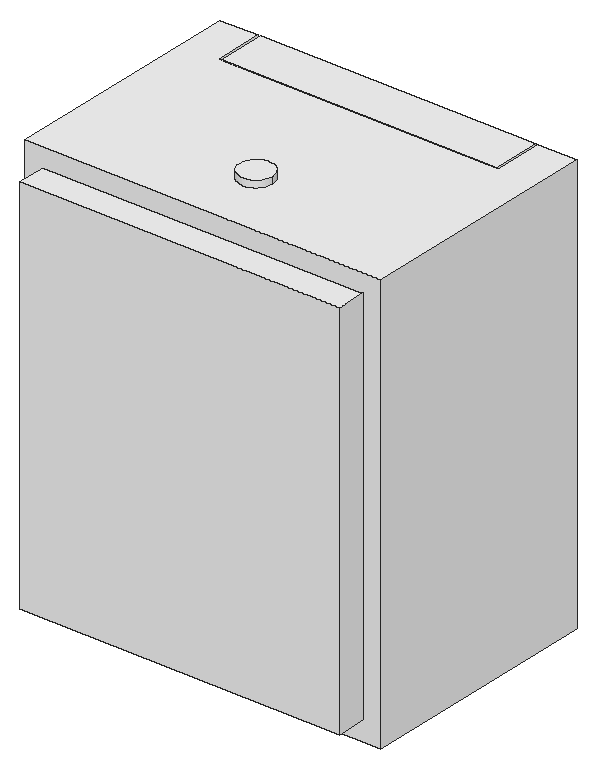
Revit family "Gira_015631", category Electrical Fixtures, host Wall, Revit 2017
Family settings
  Host = Wall
  Maintain Annotation Orientation = No
  Round Connector Dimension = Use Diameter
  Part Type = Normal
  OmniClass Number = 23.80.00.00
  OmniClass Title = Electric Power and Lighting
  Always vertical = Yes
  Cut with Voids When Loaded = No
  Shared = No
  Room Calculation Point = No
Parameters (values of type "Rocker btn 2-way m-c in.sp. WD surface-mounted grey")
  With mounting plate = no
  With lighting = no
  Wiring system = ""
  White = White
  Washing machine switch = no
  URL = "https://www.gira.de/"
  Type of lighting = ""
  Type of fastening = "Screw mounting"
  Type Comments = ""
  Transparent = no
  Surface protection = "Sonstige (*de-DE)"
  Suitable for degree of protection (IP) = "IP66"
  Rated current [Ampere] = 10
  Push button switch = no
  Number of rockers = 1
  Number of modules (module system) = 0
  Nominal voltage [Volt] Number = 250
  Model = "Single push button"
  Method of operation = "Rocker"
  Material quality = "Sonstige (*de-DE)"
  Material = "Sonstige (*de-DE)"
  Manufacturer = "Gira"
  Label space/information surface YesNo = no
  Label space/information surface = ""
  Keynote = ""
  Imprint = "ohne (*de-DE)"
  Illumination = ""
  HeinzeBIM = "https://www.heinze.de/bim/rocker-btn-2-way-m-c-in-sp-wd-surface-mounted-grey/9877e55e7375c6bb9e237f183d2b94b4200a25bf"
  Halogen free = no
  HAN = "015631"
  GTIN = "4010337156314"
  Function lighting = ""
  Feedback-signal contact = no
  Description = "Rock.btn 2-w m-c in.sp. WT SM GY Rocker Button 10 AX 250 V~ with inscription space 2-way momentary-contact, 1-pole grey Notes : - Can also be connected with illumination."
  Cost = 0
  Contacts = "1 change-over contact"
  Connection type = ""
  Colour = "Grey"
  BIMSITE_PRODUCT_ID = "9877e55e7375c6bb9e237f183d2b94b4200a25bf"
  BIM = "https://media.live.bim.site/t/eyJhbGciOiJIUzI1NiIsInR5cCI6IkpXVCJ9.eyJjdCI6MSwidGYiOiJwdWJsaWMvZ2lyYS8wOWY1ZGI1L0lQNDRfS29tcGxldHRnZXLDpHRfU2NoYWx0ZW4gdW5kIFRhc3Rlbi5yZmEiLCJjaWQiOiJmZWQ5OGU5YS0xYmQ4LTRjNjgtYTczYi03NGE5NGUzMTU4MjMiLCJyaWQiOiJjZjk3MDBiOTdkNmI3MGM5NzgyNzRjY2MwNzI5ODE1YyIsInBpZCI6Ijk4NzdlNTVlNzM3NWM2YmI5ZTIzN2YxODNkMmI5NGI0MjAwYTI1YmYiLCJzaWQiOiI2MzQ3MCIsInV0Ijo1LCJsYyI6ImVuIiwiaWF0IjoxNjA3NTI0ODM5LCJpc3MiOiJodHRwczovL2FwaS5saXZlLmJpbS5zaXRlIiwic3ViIjoiOGQzYWE1Y2ItZTA2Ni00NTk4LWJlMTYtNmUxNmVlNzQ5NTZhIn0.UOHKPII8AUoqjkDROnKufgSJnPQsr-afU88tzh4f09A/IP44_Komplettgerät_Schalten und Tasten.rfa"
  Assembly arrangement = "Basic element with complete housing"
  Assembly Code = ""
Reference planes
  plane 1: y = 0
  plane 2 "Center (Left/Right)": x = 125
  plane 3 "Back": y = 75
Forms (mm)
  Extrusion 1, solid, material "White" <- "White", detail levels fine
    sketch origin (0, 75, 0) x (1, 0, 0) y (0, 0, 1)
      loop
        line (154.5, 90) -> (95.5, 90) -> (95.5, 85.5) -> (154.5, 85.5) -> (154.5, 90)
    from -52.3 to -41.9
  Extrusion 2, solid, material "White" <- "White", detail levels fine
    sketch origin (0, 75, 0) x (1, 0, 0) y (0, 0, 1)
      loop
        line (154.5, 72) -> (154.5, 85) -> (95.5, 85) -> (95.5, 72) -> (154.5, 72)
    from -52.3 to -41.9
  Extrusion 3, solid, material "White" <- "White", detail levels medium+fine
    sketch origin (0, 75, 0) x (1, 0, 0) y (0, 0, 1)
      loop
        line (159.2, 86) -> (90.8, 86) -> (90.8, 4) -> (159.2, 4) -> (159.2, 86)
    from 0 to 6.2
  Extrusion 4, solid, material "White" <- "White", detail levels fine
    sketch origin (0, 75, 0) x (1, 0, 0) y (0, 0, 1)
      loop
        line (163.2, 90) -> (86.8, 90) -> (86.8, 0) -> (163.2, 0) -> (163.2, 90)
    from 0 to -52.3
  Extrusion 5, void
    sketch origin (0, 75, 0) x (1, 0, 0) y (0, 0, 1)
      loop
        line (95, 90.5) -> (95, 8.6) -> (155, 8.6) -> (155, 90.5) -> (95, 90.5)
    from -41.9 to -57.5
  Extrusion 6, solid, material "White" <- "White", detail levels medium
    sketch origin (0, 75, 0) x (1, 0, 0) y (0, 0, 1)
      loop
        line (154.5, 90) -> (95.5, 90) -> (95.5, 9.1) -> (154.5, 9.1) -> (154.5, 90)
    from -52.3 to -41.9
  Extrusion 7, solid, material "White" <- "White", detail levels coarse
    sketch origin (0, 75, 0) x (1, 0, 0) y (0, 0, 1)
      loop
        line (163.2, 91.4) -> (86.8, 91.4) -> (86.8, 0) -> (163.2, 0) -> (163.2, 91.4)
    from 6.2 to -52.3
  Extrusion 8, solid, material "White" <- "White", detail levels medium+fine
    sketch origin (163.2, 75, 90) x (-1, 0, 0) y (0, -1, 0)
      loop
        circle (38.2, -14.2) r 3.55
    from 0 to 1.4
  Extrusion 9, solid, material "White" <- "White", detail levels medium
    sketch origin (0, 75, 0) x (1, 0, 0) y (0, 0, 1)
      loop
        line (163.2, 90) -> (86.8, 90) -> (86.8, 0) -> (163.2, 0) -> (163.2, 90)
    from 0 to -52.3
  Extrusion 10, solid, material "White" <- "White", detail levels fine
    sketch origin (0, 75, 0) x (1, 0, 0) y (0, 0, 1)
      loop
        line (128.7, 43.6) -> (121.3, 43.6)
        arc (121.3, 43.6) -> (119, 41.3) -> (121.3, 39) r 2.3
        line (121.3, 39) -> (128.7, 39)
        arc (128.7, 39) -> (131, 41.3) -> (128.7, 43.6) r 2.3
    from -41.9 to -51.167
Cuts and joins
  Extrusion 5 cuts Extrusion 4
Text (mm)
  text "Placement side" at (-1867.185, 1116.779, 0), in view "Ref. Level"
  text "Placement side" at (0, 1270.507, 3001.832), in view "Left"
  text "Placement side" at (0, 530.812, 2999.686), in view "Right"
Dimensions and locks
  locked: plane 3 "Back" to host wall
  cut or joined group of Extrusion 4, Extrusion 5 to Extrusion 8 sketch curve = 14.2 mm
  aligned and locked: plane 1 to host wall
  aligned and locked: Extrusion 8 to Extrusion 6
  aligned and locked: cut or joined group of Extrusion 4, Extrusion 5 to nested 1
  aligned and locked: Extrusion 6 to nested 1
  aligned and locked: plane 3 "Back" to nested 2
Nested families
  nested 1: "Family5" at (125, 116.9, 9.1), type "Family5", detail levels fine
  nested 2: "1040099" at (125, 75, 0), type "1040099"
Connectors
  electrical at (125, 68.8, 45)
    settings: on Extrusion 3, index 1, voltage 220 V, apparent load 0 VA, apparent load phase1 0 VA, apparent load phase2 0 VA, apparent load phase3 0 VA, power factor 1, load classification "Other", number of poles 1, system type 31, power factor state 1, is connector primary yes, connector utility no, sub classification motor no, connector description ""
Definition of nested family "Family5"
  Parameters
    white = none
  Reference planes
    plane 1 "Center (Front/Back)": y = 0
    plane 2: z = 0
    plane 3 "Center (Left/Right)": x = 0
    plane 4: z = 63
    plane 5: y = 10
    plane 6: x = 29.5
    plane 7: x = -29.5
  Forms (mm)
    Extrusion 1, solid, material <- "white"
      sketch origin (0, 0, 0) x (0, 1, 0) y (0, 0, 1)
        loop
          line (0, 63) -> (0, 0) -> (10, 1.763) -> (5.815, 61.617) -> (0, 63)
      from -29.5 to 29.5
  Dimensions and locks
    aligned and locked: level to plane 2
Definition of nested family "1040099"
  Reference planes
    plane 1: y = 0
    plane 2: x = 0
